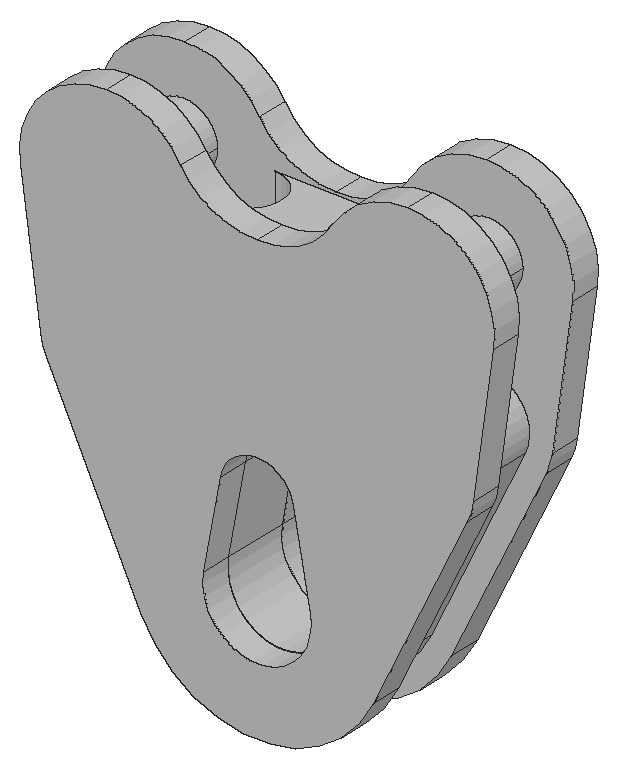
Revit family "LWplc_Latchways_FallArrstSymGddAnchrLine_SingleSpanSystem", category Specialty Equipment, host Face, Revit 2013
Parameters (values of type "FallArrestSystemGuidedAnchorLine_SingleSpanSystem_SingleSpanTrolley_Latchways")
  WarrantyStartDate [instance] = "1900-12-31T23:59:59"
  WarrantyGuarantorParts = "n/a"
  WarrantyGuarantorLabor = "n/a"
  WarrantyDurationUnit = "year"
  WarrantyDurationParts = "n/a"
  WarrantyDurationLabor = "n/a"
  WarrantyDescription = "n/a"
  Version = "1"  # constant formula
  Uniclass2 = "Ss_80_30_25_35"
  URL = "www.latchways.com"
  Type Comments = "n/a"
  ThreadedSwageMaterial = LWplc_Latchways_StainlessSteel_MarineGrade316
  ThreadedSwage = no
  TagNumber [instance] = "n/a"
  SwageSlipIndicatorMaterial = LWplc_Latchways_StainlessSteel_MarineGrade316
  SustainabilityPerformance = "n/a"
  StartSetSwageSlipIndicator = no
  Size = "n/a"
  SingleSpanTrolleyMaterial = LWplc_Latchways_StainlessSteel_MarineGrade316
  SingleSpanTrolley = yes
  Shape = "n/a"
  ServiceLifeDuration = "n/a"
  SerialNumber [instance] = "n/a"
  RodMaterial = LWplc_Latchways_StainlessSteel_MarineGrade316
  Revision = "n/a"
  ReplacementCost = "n/a"
  Reference = "n/a"
  ProductInformation = "www.latchways.com/BIM/Latchways_OverheadSystem_SingleSpan_Trolley.pdf"
  NominalWidth = 0 mm
  NominalLength = 0 mm
  NominalHeight = 0 mm
  Name = "FallArrestSystemGuidedAnchorLine_SingleSpanSystem_SingleSpanTrolley_Latchways"
  NBSReference = "80-50-25/110"
  NBSNote = "n/a"
  NBSDescription = "Fall arrest system - guided anchor line"
  ModelReference = "Overhead system Single Span"
  ModelNumber = "n/a"
  Model = "n/a"
  Material = "All critical components are manufactured from stainless steel grade 316"
  ManufacturerURL = "www.latchways.com"
  ManufacturerName = "Latchways plc"
  Manufacturer = "info@latchways.com"
  LongRunLineTenserMaterial = LWplc_Latchways_StainlessSteel_MarineGrade316
  LongRunLineTenser = no
  InstallationDate [instance] = "1900-12-31T23:59:59"
  IfcExportType = "IfcTransportElement"  # constant formula
  IfcExportAs = "NOTDEFINED"  # constant formula
  HeavyDutyDRingMaterial = LWplc_Latchways_StainlessSteel_MarineGrade316
  HeavyDutyDRing = no
  Grade = "n/a"
  FireExit = no
  Finish = "n/a"
  Features = "n/a"
  ExtendedTurnbuckleBodyMaterial = LWplc_Latchways_StainlessSteel_MarineGrade316
  ExtendedTurnbuckleBody = no
  ExpectedLife = "n/a"
  EnergyAbsorberMaterial = LWplc_Latchways_PVCu_Vinakon_Black
  EnergyAbsorber = no
  EndSetSwageSlipIndicator = no
  DurationUnit = "year"
  Description = "Latchways’ overhead systems combine revolutionary Constant\r\nForce® technology with an innovative mobile anchorage device. With the capacity for multiple workers to be attached, the system offers unhindered mobilty and continuous, hands-free security whilst\r\nworking at height. System compliant with latest EN 795 standard"
  Default Elevation = 1219.2 mm
  Constituents = "n/a"
  Color = "n/a"
  CodePerformance = "n/a"
  Category = "n/a"
  BoltMaterial = LWplc_Latchways_StainlessSteel_MarineGrade316
  BarCode [instance] = "n/a"
  BIMObjectName = "LWplc_Latchways_FallArrestSystemGuidedAnchorLine_SingleSpanSystem_SingleSpanTrolley"
  Author = "Latchways plc"  # constant formula
  AssetType = "Fixed"
  AssetIdentifier [instance] = "n/a"
  AccessibilityPerformance = "n/a"
Types (4, lengths in mm): name | ThreadedSwage | StartSetSwageSlipIndicator | SingleSpanTrolley | ProductInformation | Name | LongRunLineTenser | HeavyDutyDRing | ExtendedTurnbuckleBody | EnergyAbsorber | EndSetSwageSlipIndicator | BIMObjectName
  (no name) | no | no | yes | "www.latchways.com/BIM/Latchways_OverheadSystem_SingleSpan_Trolley.pdf" | "FallArrestSystemGuidedAnchorLine_SingleSpanSystem_SingleSpanTrolley_Latchways" | no | no | no | no | no | "LWplc_Latchways_FallArrestSystemGuidedAnchorLine_SingleSpanSystem_SingleSpanTrolley"
  FallArrestSystemGuidedAnchorLine_SingleSpanSystem_EndSet_Latchways | no | no | no | "www.latchways.com/BIM/Latchways_OverheadSystem_SingleSpan_Multispan_EndSet.pdf" | "FallArrestSystemGuidedAnchorLine_SingleSpanSystem_EndSet_Latchways" | no | yes | no | yes | yes | "LWplc_Latchways_FallArrestSystemGuidedAnchorLine_SingleSpanSystem_EndSet"
  FallArrestSystemGuidedAnchorLine_SingleSpanSystem_SingleSpanTrolley_Latchways | no | no | yes | "www.latchways.com/BIM/Latchways_OverheadSystem_SingleSpan_Trolley.pdf" | "FallArrestSystemGuidedAnchorLine_SingleSpanSystem_SingleSpanTrolley_Latchways" | no | no | no | no | no | "LWplc_Latchways_FallArrestSystemGuidedAnchorLine_SingleSpanSystem_SingleSpanTrolley"
  FallArrestSystemGuidedAnchorLine_SingleSpanSystem_StartSet_Latchways | yes | yes | no | "www.latchways.com/BIM/Latchways_OverheadSystem_SingleSpan_Multispan_StartSet.pdf" | "FallArrestSystemGuidedAnchorLine_SingleSpanSystem_StartSet_Latchways" | yes | yes | yes | no | no | "LWplc_Latchways_FallArrestSystemGuidedAnchorLine_SingleSpanSystem_StartSet"
Reference planes
  plane 1 "Center (Front/Back)": y = 0
  plane 2: z = 0
  plane 3 "Center (Left/Right)": x = 0
Dimensions and locks
  aligned and locked: plane 2 to host face
  aligned and locked: level to host face
  aligned and locked: nested 1 to host face
Nested families
  nested 1: "LWplc_Latchways_FallArrstSymGddAnchrLine_HeavyDutyD-Ring" at (0, 0.469, 0) x (0, 1, 0) z (0, 0, 1), visible <- "HeavyDutyDRing", type "HeavyDutyD-Ring_Latchways"
  nested 2: "LWplc_Latchways_FallArrstSymGddAnchrLine_EnergyAbsorber" at (189.375, 0, 0) x (-1, 0, 0) z (0, 0, 1), visible <- "EnergyAbsorber", type "EnergyAbsorber_Latchways"
  nested 3: "LWplc_Latchways_FallArrstSymGddAnchrLine_SwageSlipIndicator" at (432.72, -0.04, 31.488) x (0, 0, 1) z (1, 0, 0), visible <- "EndSetSwageSlipIndicator", type "SwageSlipIndicator_Latchways"
  nested 4: "LWplc_Latchways_FallArrstSymGddAnchrLine_SingleSpanTrolley" at (0, 9.474, 30.297), visible <- "SingleSpanTrolley", type "SingleSpanTrolley_Latchways"
  nested 5: "LWplc_Latchways_FallArrstSymGddAnchrLine_LongRunLineTenser" at (-51.406, -0.156, 0) x (-1, 0, 0) z (0, 0, 1), visible <- "LongRunLineTenser", type "LongRunLineTenser_Latchways"
  nested 6: "LWplc_Latchways_FallArrstSymGddAnchrLine_TurnBuckleBody" at (-332.707, -0.156, 31.906) x (0, 0, 1) z (-1, 0, 0), visible <- "ExtendedTurnbuckleBody", type "TurnBuckleBody_Latchways"
  nested 7: "LWplc_Latchways_FallArrstSymGddAnchrLine_ThreadedSwage" at (-854.707, -0.156, 31.806) x (0, 0, 1) z (-1, 0, 0), visible <- "ThreadedSwage", type "FallArrestSystemGuidedAnchorLine_ThreadedSwage_Latchways"
  nested 8: "LWplc_Latchways_FallArrstSymGddAnchrLine_SwageSlipIndicator" at (-1191.707, -0.156, 32.111) x (0, 0, -1) z (-1, 0, 0), visible <- "StartSetSwageSlipIndicator", type "SwageSlipIndicator_Latchways"
Definition of nested family "LWplc_Latchways_FallArrstSymGddAnchrLine_HeavyDutyD-Ring"
  Parameters (values of type "HeavyDutyD-Ring_Latchways")
    D-RingMaterial = LWplc_Latchways_StainlessSteel_MarineGrade316
    D-RingVisible [instance] = yes
  Reference planes
    plane 1 "Center (Front/Back)": y = 0
    plane 2: z = 0
    plane 3 "Center (Left/Right)": x = 0
    plane 4: z = 10
    plane 5: y = 50.785
    plane 6: y = -51.526
  Forms (mm)
    Extrusion 1, solid, material "LWplc_Latchways_StainlessSteel_MarineGrade316" <- "D-RingMaterial", visible <- "D-RingVisible", detail levels medium+fine
      sketch origin (0, 0, 0) x (1, 0, 0) y (0, 1, 0)
        loop
          line (-24.815, -12.3) -> (-6.291, -49.853)
          arc (-6.291, -49.853) -> (-5.185, -51.074) -> (-3.601, -51.526) r 3
          line (-3.601, -51.526) -> (2.399, -51.526)
          arc (2.399, -51.526) -> (3.983, -51.074) -> (5.09, -49.853) r 3
          line (5.09, -49.853) -> (23.614, -12.3)
          arc (23.614, -12.3) -> (26.399, -0.352) -> (23.61, 11.596) r 27
          line (23.61, 11.596) -> (5.089, 49.113)
          arc (5.089, 49.113) -> (3.983, 50.333) -> (2.399, 50.785) r 3
          line (2.399, 50.785) -> (-3.601, 50.785)
          arc (-3.601, 50.785) -> (-5.184, 50.333) -> (-6.291, 49.113) r 3
          line (-6.291, 49.113) -> (-24.811, 11.596)
          arc (-24.811, 11.596) -> (-27.601, -0.352) -> (-24.815, -12.3) r 27
      from 0 to 10
    Extrusion 2, solid, material "LWplc_Latchways_StainlessSteel_MarineGrade316" <- "D-RingMaterial", visible <- "D-RingVisible"
      sketch origin (0, 535.467, 227.54) x (0, 1, 0) y (0, 0, 1)
        loop
          arc (-561.11, -182.619) -> (-535.818, -171.857) -> (-510.526, -182.619) r 35.1
          arc (-510.526, -182.619) -> (-507.087, -186.884) -> (-505.408, -192.099) r 15
          arc (-505.408, -192.099) -> (-507.841, -206.708) -> (-517.941, -217.54) r 25.661
          line (-517.941, -217.54) -> (-486.699, -217.54) -> (-486.699, -205.173)
          arc (-486.699, -205.173) -> (-497.091, -174.829) -> (-523.902, -157.227) r 49.497
          arc (-523.902, -157.227) -> (-566.124, -166.332) -> (-585.021, -205.173) r 49.366
          line (-585.021, -205.173) -> (-585.021, -217.54) -> (-553.695, -217.54)
          arc (-553.695, -217.54) -> (-563.795, -206.708) -> (-566.228, -192.099) r 25.661
          arc (-566.228, -192.099) -> (-564.55, -186.884) -> (-561.11, -182.619) r 15
      from -6.598 to 5.392
    Blend 3, void, detail levels medium+fine
      base sketch origin (0, 0, 0) x (1, 0, 0) y (0, 1, 0)
        loop
          circle (-0.625, -0.312) r 13.605
      top sketch origin (0, 0, 0) x (1, 0, 0) y (0, 1, 0)
        loop
          circle (-0.625, -0.312) r 8.974
      from 0 to 10
    Extrusion 4, solid, material "LWplc_Latchways_StainlessSteel_MarineGrade316" <- "D-RingMaterial", visible <- "D-RingVisible", detail levels coarse
      sketch origin (0, 0, 0) x (1, 0, 0) y (0, 1, 0)
        loop
          line (4.265, -51.526) -> (23.614, -12.3) -> (23.614, 11.588) -> (4.264, 50.785) -> (-5.465, 50.785) -> (-25, 11.213) -> (-25, -11.925) -> (-5.466, -51.526) -> (4.265, -51.526)
      from 0 to 10
  Cuts and joins
    Blend 3 cuts Extrusion 1
    Blend 3 cuts Extrusion 2
  Dimensions and locks
    aligned and locked: level to plane 2
    aligned and locked: plane 5 to Extrusion 1
    aligned and locked: plane 6 to Extrusion 1
    aligned and locked: Extrusion 2 to plane 4  (x2)
Definition of nested family "LWplc_Latchways_FallArrstSymGddAnchrLine_EnergyAbsorber"
  Parameters (values of type "EnergyAbsorber_Latchways")
    RodMaterial = LWplc_Latchways_StainlessSteel_MarineGrade316
    EnergyAbsorberVisible [instance] = yes
    EnergyAbsorberMaterial = LWplc_Latchways_PVCu_Vinakon_Black
    BoltMaterial = LWplc_Latchways_StainlessSteel_MarineGrade316
  Reference planes
    plane 1 "Center (Front/Back)": y = 0
    plane 2: z = 0
    plane 3 "Center (Left/Right)": x = 0
  Forms (mm)
    Extrusion 1, solid, material "LWplc_Latchways_PVCu_Vinakon_Black" <- "EnergyAbsorberMaterial", visible <- "EnergyAbsorberVisible", detail levels medium+fine
      sketch origin (0, 27.839, 0) x (1, 0, 0) y (0, 0, 1)
        loop
          line (-141.559, 32.09) -> (-140.796, 10.258)
          arc (-140.796, 10.258) -> (-136.948, 2.9) -> (-128.802, 1.29) r 9.607
          line (-128.802, 1.29) -> (-128.802, 5.402) -> (-108.802, 5.402) -> (-108.802, 0.591) -> (43.394, 0.591) -> (43.394, 5.746) -> (45.975, 5.729) -> (46.19, -0.41) -> (99.851, 1.464)
          arc (99.851, 1.464) -> (100.951, 1.919) -> (101.407, 3.019) r 1.555
          line (101.407, 3.019) -> (101.352, 4.583)
          arc (101.352, 4.583) -> (101.635, 5.267) -> (102.319, 5.55) r 0.967
          line (102.319, 5.55) -> (125.316, 6.353)
          arc (125.316, 6.353) -> (126.782, 6.96) -> (127.389, 8.427) r 2.074
          line (127.389, 8.427) -> (127.335, 9.99)
          arc (127.335, 9.99) -> (127.618, 10.674) -> (128.301, 10.957) r 0.967
          line (128.301, 10.957) -> (140.827, 11.395)
          arc (140.827, 11.395) -> (142.082, 11.895) -> (142.732, 13.08) r 2
          arc (142.732, 13.08) -> (143.858, 22.555) -> (144.234, 32.09) r 121.069
          arc (144.234, 32.09) -> (143.858, 41.624) -> (142.732, 51.099) r 121.069
          arc (142.732, 51.099) -> (142.082, 52.284) -> (140.827, 52.784) r 2
          line (140.827, 52.784) -> (128.301, 53.222)
          arc (128.301, 53.222) -> (127.618, 53.505) -> (127.335, 54.189) r 0.967
          line (127.335, 54.189) -> (127.389, 55.752)
          arc (127.389, 55.752) -> (126.782, 57.219) -> (125.316, 57.826) r 2.074
          line (125.316, 57.826) -> (102.319, 58.629)
          arc (102.319, 58.629) -> (101.635, 58.912) -> (101.352, 59.596) r 0.967
          line (101.352, 59.596) -> (101.407, 61.16)
          arc (101.407, 61.16) -> (100.951, 62.26) -> (99.851, 62.715) r 1.555
          line (99.851, 62.715) -> (46.19, 64.589) -> (45.975, 58.45) -> (43.394, 58.433) -> (43.394, 63.589) -> (-108.802, 63.589) -> (-108.802, 58.777) -> (-128.802, 58.777) -> (-128.802, 62.889)
          arc (-128.802, 62.889) -> (-136.948, 61.279) -> (-140.796, 53.921) r 9.607
          line (-140.796, 53.921) -> (-141.559, 32.09)
      from -6.643 to 62.32
    Extrusion 2, solid, material "LWplc_Latchways_PVCu_Vinakon_Black" <- "EnergyAbsorberMaterial", visible <- "EnergyAbsorberVisible"
      sketch origin (0, 27.839, 0) x (1, 0, 0) y (0, 1, 0)
        loop
          line (-78.744, 6.643) -> (38.592, 6.643)
          arc (38.592, 6.643) -> (-20.076, 40.314) -> (-78.744, 6.643) r 67.946
        loop
          line (38.349, -62.32) -> (-78.501, -62.32)
          arc (-78.501, -62.32) -> (-20.076, -95.579) -> (38.349, -62.32) r 67.946
      from 1.29 to 62.715
    Extrusion 3, solid, material "LWplc_Latchways_PVCu_Vinakon_Black" <- "EnergyAbsorberMaterial", visible <- "EnergyAbsorberVisible", detail levels coarse
      sketch origin (0, 27.839, 0) x (1, 0, 0) y (0, 0, 1)
        loop
          line (-140.796, 53.921) -> (-141.559, 32.09) -> (-140.796, 10.258)
          arc (-140.796, 10.258) -> (-136.948, 2.9) -> (-128.802, 1.29) r 9.607
          line (-128.802, 1.29) -> (-128.802, 5.402) -> (-108.802, 5.402) -> (-108.802, 0.591) -> (101.352, 0.591) -> (101.352, 5.516) -> (127.389, 6.425) -> (127.389, 11.452) -> (142.462, 11.452)
          arc (142.462, 11.452) -> (143.79, 21.733) -> (144.234, 32.09) r 121.069
          arc (144.234, 32.09) -> (143.79, 42.446) -> (142.462, 52.727) r 121.069
          line (142.462, 52.727) -> (127.389, 52.727) -> (127.389, 57.754) -> (101.352, 58.663) -> (101.352, 63.589) -> (-108.802, 63.589) -> (-108.802, 58.777) -> (-128.802, 58.777) -> (-128.802, 62.889)
          arc (-128.802, 62.889) -> (-136.948, 61.279) -> (-140.796, 53.921) r 9.607
      from -6.643 to 62.32
    Extrusion 4, solid, material "LWplc_Latchways_StainlessSteel_MarineGrade316" <- "BoltMaterial", visible <- "EnergyAbsorberVisible"
      sketch origin (-1.875, 27.839, 0) x (1, 0, 0) y (0, 0, 1)
        loop
          line (145.113, 16.591) -> (176.117, 16.591)
          arc (176.117, 16.591) -> (191.117, 31.591) -> (176.117, 46.591) r 15
          line (176.117, 46.591) -> (145.238, 46.591)
          arc (145.238, 46.591) -> (145.891, 39.355) -> (146.109, 32.091) r 121.069
          arc (146.109, 32.091) -> (145.86, 24.324) -> (145.113, 16.591) r 121.069
      from 16.254 to 21.254
    Extrusion 5, solid, material "LWplc_Latchways_StainlessSteel_MarineGrade316" <- "BoltMaterial", visible <- "EnergyAbsorberVisible"
      sketch origin (-1.875, 9.906, 0) x (1, 0, 0) y (0, 0, 1)
        loop
          line (145.113, 16.591) -> (176.117, 16.591)
          arc (176.117, 16.591) -> (191.117, 31.591) -> (176.117, 46.591) r 15
          line (176.117, 46.591) -> (145.237, 46.591)
          arc (145.237, 46.591) -> (145.891, 39.354) -> (146.109, 32.09) r 121.069
          arc (146.109, 32.09) -> (145.86, 24.324) -> (145.113, 16.591) r 121.069
      from 16.254 to 21.254
    Extrusion 6, solid, material "LWplc_Latchways_StainlessSteel_MarineGrade316" <- "BoltMaterial", visible <- "EnergyAbsorberVisible", detail levels medium+fine
      sketch origin (0, 0, 0) x (1, 0, 0) y (0, 0, 1)
        loop
          circle (172.655, 31.654) r 5.9
      from -6.585 to 6.348
    Extrusion 7, solid, material "LWplc_Latchways_StainlessSteel_MarineGrade316" <- "BoltMaterial", visible <- "EnergyAbsorberVisible", detail levels medium+fine
      sketch origin (0, 0, 0) x (1, 0, 0) y (0, 0, 1)
        loop
          line (161.884, 31.704) -> (167.313, 22.301) -> (177.997, 22.301) -> (183.426, 31.704) -> (177.997, 41.007) -> (167.313, 41.007) -> (161.884, 31.704)
      from 11.348 to 18.933
    Extrusion 8, solid, material "LWplc_Latchways_StainlessSteel_MarineGrade316" <- "BoltMaterial", visible <- "EnergyAbsorberVisible", detail levels medium+fine
      sketch origin (0, 30.518, 0) x (1, 0, 0) y (0, 0, 1)
        loop
          line (161.884, 31.704) -> (167.313, 22.301) -> (177.997, 22.301) -> (183.426, 31.704) -> (177.997, 41.007) -> (167.313, 41.007) -> (161.884, 31.704)
      from 11.348 to 18.933
    Extrusion 9, solid, material "LWplc_Latchways_StainlessSteel_MarineGrade316" <- "BoltMaterial", visible <- "EnergyAbsorberVisible", detail levels medium+fine
      sketch origin (-130.211, 172.659, 0) x (0, -1, 0) y (0, 0, 1)
        loop
          line (161.884, 31.704) -> (167.313, 22.301) -> (177.997, 22.301) -> (183.426, 31.704) -> (177.997, 41.007) -> (167.313, 41.007) -> (161.884, 31.704)
      from 11.348 to 22.691
    Revolve 10, solid, material "LWplc_Latchways_StainlessSteel_MarineGrade316" <- "RodMaterial", visible <- "EnergyAbsorberVisible"
      sketch origin (0, 0, 0) x (1, 0, 0) y (0, 0, 1)
        loop
          line (-243.345, 31.654) -> (-141.559, 31.654) -> (-141.559, 37.954) -> (-239.845, 37.954) -> (-243.345, 37.016) -> (-243.345, 31.654)
        axis (-141.559, 31.654) -> (-243.345, 31.654)
      angle from 0 to 360
  Dimensions and locks
    aligned and locked: level to plane 2
    aligned and locked: Extrusion 1 to Extrusion 3  (x2)
    aligned and locked: Extrusion 2 to Extrusion 1  (x2)
Definition of nested family "LWplc_Latchways_FallArrstSymGddAnchrLine_SwageSlipIndicator"
  Parameters (values of type "SwageSlipIndicator_Latchways")
    SwageSlipVisible [instance] = yes
    SwageSlipMaterial = LWplc_Latchways_StainlessSteel_MarineGrade316
    SwageSlipLength = 25 mm
    Default Elevation = 1219.2 mm
  Reference planes
    plane 1 "Center (Front/Back)": y = 0
    plane 2: z = 0
    plane 3 "Center (Left/Right)": x = 0
    plane 4: z = 25
    plane 5: z = 21.622
    plane 6: z = 3.378
    plane 7: z = 12.5
  Forms (mm)
    Extrusion 1, solid, material "LWplc_Latchways_StainlessSteel_MarineGrade316" <- "SwageSlipMaterial", visible <- "SwageSlipVisible"
      sketch origin (0, 0, 12.5) x (0, 1, 0) y (-1, 0, 0)
        loop
          circle (0, 0) r 6.35
      from -12.5 to 12.5
    Extrusion 2, void
      sketch origin (0, 0, 12.5) x (0, 1, 0) y (-1, 0, 0)
        loop
          circle (0, 0) r 4.75
      from -9.122 to 9.122
    Blend 3, void
      base sketch origin (0, 0, 12.5) x (0, 1, 0) y (-1, 0, 0)
        loop
          circle (0, 0) r 5.55
      top sketch origin (0, 0, 12.5) x (0, 1, 0) y (-1, 0, 0)
        loop
          circle (0, 0) r 4.75
      from -12.5 to -9.122
    Blend 4, void
      base sketch origin (0, 0, 0) x (1, 0, 0) y (0, 1, 0)
        loop
          circle (0, 0) r 4.75
      top sketch origin (0, 0, 0) x (1, 0, 0) y (0, 1, 0)
        loop
          circle (0, 0) r 5.55
      from 21.622 to 25
  Cuts and joins
    Extrusion 2, Blend 3, Blend 4 cuts Extrusion 1
  Dimensions and locks
    aligned and locked: level to plane 2
    aligned and locked: Blend 4 to plane 5
    aligned and locked: plane 4 to Blend 4
Definition of nested family "LWplc_Latchways_FallArrstSymGddAnchrLine_SingleSpanTrolley"
  Parameters (values of type "SingleSpanTrolley_Latchways")
    SingleSpanTrolleyVisible [instance] = yes
    SingleSpanTrolleyMaterial = LWplc_Latchways_StainlessSteel_MarineGrade316
  Reference planes
    plane 1 "Center (Front/Back)": y = 0
    plane 2: z = 0
    plane 3 "Center (Left/Right)": x = 0
  Forms (mm)
    Extrusion 1, solid, material "LWplc_Latchways_StainlessSteel_MarineGrade316" <- "SingleSpanTrolleyMaterial", visible <- "SingleSpanTrolleyVisible", detail levels medium+fine
      sketch origin (0, 0, 0) x (1, 0, 0) y (0, 0, 1)
        loop
          arc (-22.214, 47.553) -> (-31.847, 43.355) -> (-34.875, 33.293) r 12.5
          line (-34.875, 33.293) -> (-31.902, 12.163)
          arc (-31.902, 12.163) -> (-31.571, 10.659) -> (-31.013, 9.224) r 10
          line (-31.013, 9.224) -> (-17.125, -19.674)
          arc (-17.125, -19.674) -> (0, -30.444) -> (17.125, -19.674) r 19
          line (17.125, -19.674) -> (31.013, 9.224)
          arc (31.013, 9.224) -> (31.571, 10.659) -> (31.902, 12.163) r 10
          line (31.902, 12.163) -> (34.875, 33.293)
          arc (34.875, 33.293) -> (31.847, 43.355) -> (22.214, 47.553) r 12.5
          arc (22.214, 47.553) -> (15.951, 46.034) -> (11.277, 41.598) r 12.5
          arc (11.277, 41.598) -> (6.483, 37.042) -> (0, 35.569) r 12.5
          arc (0, 35.569) -> (-6.399, 36.997) -> (-11.195, 41.468) r 12.5
          arc (-11.195, 41.468) -> (-15.881, 45.996) -> (-22.214, 47.553) r 12.5
        loop
          line (-5.409, 2.349) -> (-7.868, -10.998)
          arc (-7.868, -10.998) -> (0, -20.447) -> (7.868, -10.998) r 8
          line (7.868, -10.998) -> (5.409, 2.349)
          arc (5.409, 2.349) -> (0, 6.853) -> (-5.409, 2.349) r 5.5
      from 0 to 4.5
    Extrusion 2, solid, material "LWplc_Latchways_StainlessSteel_MarineGrade316" <- "SingleSpanTrolleyMaterial", visible <- "SingleSpanTrolleyVisible", detail levels medium+fine
      sketch origin (0, -14.5, 0) x (1, 0, 0) y (0, 0, 1)
        loop
          arc (-22.214, 47.553) -> (-31.847, 43.355) -> (-34.875, 33.293) r 12.5
          line (-34.875, 33.293) -> (-31.902, 12.163)
          arc (-31.902, 12.163) -> (-31.571, 10.659) -> (-31.013, 9.224) r 10
          line (-31.013, 9.224) -> (-17.125, -19.674)
          arc (-17.125, -19.674) -> (0, -30.444) -> (17.125, -19.674) r 19
          line (17.125, -19.674) -> (31.013, 9.224)
          arc (31.013, 9.224) -> (31.571, 10.659) -> (31.902, 12.163) r 10
          line (31.902, 12.163) -> (34.875, 33.293)
          arc (34.875, 33.293) -> (31.847, 43.355) -> (22.214, 47.553) r 12.5
          arc (22.214, 47.553) -> (15.951, 46.034) -> (11.277, 41.598) r 12.5
          arc (11.277, 41.598) -> (6.483, 37.042) -> (0, 35.569) r 12.5
          arc (0, 35.569) -> (-6.399, 36.997) -> (-11.195, 41.468) r 12.5
          arc (-11.195, 41.468) -> (-15.881, 45.996) -> (-22.214, 47.553) r 12.5
        loop
          arc (5.409, 2.349) -> (0, 6.853) -> (-5.409, 2.349) r 5.5
          line (-5.409, 2.349) -> (-7.868, -10.998)
          arc (-7.868, -10.998) -> (0, -20.447) -> (7.868, -10.998) r 8
          line (7.868, -10.998) -> (5.409, 2.349)
      from 0 to 4.5
    Extrusion 3, solid, material "LWplc_Latchways_StainlessSteel_MarineGrade316" <- "SingleSpanTrolleyMaterial", visible <- "SingleSpanTrolleyVisible", detail levels medium+fine
      sketch origin (0, 0, 0) x (1, 0, 0) y (0, 0, 1)
        loop
          arc (-22, 20.053) -> (-27.502, 17.013) -> (-27.859, 10.737) r 6.5
          line (-27.859, 10.737) -> (-13.97, -18.161)
          arc (-13.97, -18.161) -> (0, -26.947) -> (13.97, -18.161) r 15.5
          line (13.97, -18.161) -> (27.859, 10.737)
          arc (27.859, 10.737) -> (27.502, 17.013) -> (22, 20.053) r 6.5
          line (22, 20.053) -> (-22, 20.053)
        loop
          line (-5.409, 2.349) -> (-7.868, -10.998)
          arc (-7.868, -10.998) -> (0, -20.447) -> (7.868, -10.998) r 8
          line (7.868, -10.998) -> (5.409, 2.349)
          arc (5.409, 2.349) -> (0, 6.853) -> (-5.409, 2.349) r 5.5
      from 4.5 to 14.5
    Extrusion 4, solid, material "LWplc_Latchways_StainlessSteel_MarineGrade316" <- "SingleSpanTrolleyMaterial", visible <- "SingleSpanTrolleyVisible", detail levels medium+fine
      sketch origin (0, 0, 0) x (1, 0, 0) y (0, 0, 1)
        loop
          circle (-22.5, 35.053) r 5
        loop
          circle (22.5, 35.053) r 5
      from 4.5 to 14.5
    Extrusion 5, solid, material "LWplc_Latchways_StainlessSteel_MarineGrade316" <- "SingleSpanTrolleyMaterial", visible <- "SingleSpanTrolleyVisible", detail levels medium+fine
      sketch origin (0, 0, 0) x (1, 0, 0) y (0, 1, 0)
        loop
          arc (-9.01, -4.5) -> (-4.01, -9.5) -> (-9.01, -14.5) r 5
          line (-9.01, -14.5) -> (8.99, -14.5)
          arc (8.99, -14.5) -> (3.99, -9.5) -> (8.99, -4.5) r 5
          line (8.99, -4.5) -> (-9.01, -4.5)
      from 30.034 to 35.175
    Extrusion 6, solid, material "LWplc_Latchways_StainlessSteel_MarineGrade316" <- "SingleSpanTrolleyMaterial", visible <- "SingleSpanTrolleyVisible", detail levels coarse
      sketch origin (0, 0, 0) x (-1, 0, 0) y (0, 0, 1)
        loop
          arc (22.214, 47.553) -> (15.881, 45.996) -> (11.195, 41.468) r 12.5
          arc (11.195, 41.468) -> (6.399, 36.997) -> (0, 35.569) r 12.5
          arc (0, 35.569) -> (-6.483, 37.042) -> (-11.277, 41.598) r 12.5
          arc (-11.277, 41.598) -> (-15.951, 46.034) -> (-22.214, 47.553) r 12.5
          arc (-22.214, 47.553) -> (-31.847, 43.355) -> (-34.875, 33.293) r 12.5
          line (-34.875, 33.293) -> (-31.902, 12.163)
          arc (-31.902, 12.163) -> (-31.571, 10.659) -> (-31.013, 9.224) r 10
          line (-31.013, 9.224) -> (-17.125, -19.674)
          arc (-17.125, -19.674) -> (0, -30.444) -> (17.125, -19.674) r 19
          line (17.125, -19.674) -> (31.013, 9.224)
          arc (31.013, 9.224) -> (31.571, 10.659) -> (31.902, 12.163) r 10
          line (31.902, 12.163) -> (34.875, 33.293)
          arc (34.875, 33.293) -> (31.847, 43.355) -> (22.214, 47.553) r 12.5
      from -19 to 0
  Cuts and joins
    joined: Extrusion 1, Extrusion 2, Extrusion 5
  Lines and regions (mm)
    model lines, visible <- "SingleSpanTrolleyVisible", detail levels fine
      curve 1: circle (22.5, 0, 35.053) r 5 normal (0, -1, 0)
      curve 2: circle (-22.5, 0, 35.053) r 5 normal (0, -1, 0)
      curve 3: line (-22, 0, 20.053) -> (22, 0, 20.053)
      curve 4: arc (27.859, 0, 10.737) -> (27.502, 0, 17.013) -> (22, 0, 20.053) r 6.5
      curve 5: arc (-22, 0, 20.053) -> (-27.502, 0, 17.013) -> (-27.859, 0, 10.737) r 6.5
      curve 6: line (-27.859, 0, 10.737) -> (-13.97, 0, -18.161)
      curve 7: arc (-13.97, 0, -18.161) -> (0, 0, -26.947) -> (13.97, 0, -18.161) r 15.5
      curve 8: line (27.859, 0, 10.737) -> (13.97, 0, -18.161)
      curve 9: arc (7.738, 0, 3.382) -> (0, 0, 9.353) -> (-7.738, 0, 3.382) r 8
      curve 10: line (-7.738, 0, 3.382) -> (-11.124, 0, -9.531)
      curve 11: arc (-11.124, 0, -9.531) -> (0, 0, -23.947) -> (11.124, 0, -9.531) r 11.5
      curve 12: line (7.738, 0, 3.382) -> (11.124, 0, -9.531)
      curve 13: circle (22.5, -19, 35.053) r 5 normal (0, -1, 0)
      curve 14: circle (-22.5, -19, 35.053) r 5 normal (0, -1, 0)
      curve 15: line (-22, -19, 20.053) -> (22, -19, 20.053)
      curve 16: arc (27.859, -19, 10.737) -> (27.502, -19, 17.013) -> (22, -19, 20.053) r 6.5
      curve 17: arc (-22, -19, 20.053) -> (-27.502, -19, 17.013) -> (-27.859, -19, 10.737) r 6.5
      curve 18: line (-27.859, -19, 10.737) -> (-13.97, -19, -18.161)
      curve 19: arc (-13.97, -19, -18.161) -> (0, -19, -26.947) -> (13.97, -19, -18.161) r 15.5
      curve 20: line (27.859, -19, 10.737) -> (13.97, -19, -18.161)
      curve 21: arc (7.738, 0, 3.382) -> (0, 0, 9.353) -> (-7.738, 0, 3.382) r 8
      curve 22: line (-7.738, 0, 3.382) -> (-11.124, 0, -9.531)
      curve 23: arc (-11.124, 0, -9.531) -> (0, 0, -23.947) -> (11.124, 0, -9.531) r 11.5
      curve 24: line (7.738, 0, 3.382) -> (11.124, 0, -9.531)
      curve 25: line (-23.366, 0, 36.553) -> (-24.232, 0, 35.053)
      curve 26: line (-21.634, 0, 36.553) -> (-23.366, 0, 36.553)
      curve 27: line (-20.768, 0, 35.053) -> (-21.634, 0, 36.553)
      curve 28: line (-21.634, 0, 33.553) -> (-20.768, 0, 35.053)
      curve 29: line (-23.366, 0, 33.553) -> (-21.634, 0, 33.553)
      curve 30: line (-24.232, 0, 35.053) -> (-23.366, 0, 33.553)
      curve 31: circle (-22.5, 0, 35.053) r 0.5 normal (0, -1, 0)
      curve 32: line (23.366, 0, 36.553) -> (21.634, 0, 36.553)
      curve 33: line (24.232, 0, 35.053) -> (23.366, 0, 36.553)
      curve 34: line (23.366, 0, 33.553) -> (24.232, 0, 35.053)
      curve 35: line (21.634, 0, 33.553) -> (23.366, 0, 33.553)
      curve 36: line (20.768, 0, 35.053) -> (21.634, 0, 33.553)
      curve 37: line (21.634, 0, 36.553) -> (20.768, 0, 35.053)
      curve 38: circle (22.5, 0, 35.053) r 0.5 normal (0, -1, 0)
      curve 39: line (-23.366, -19, 36.553) -> (-24.232, -19, 35.053)
      curve 40: line (-21.634, -19, 36.553) -> (-23.366, -19, 36.553)
      curve 41: line (-20.768, -19, 35.053) -> (-21.634, -19, 36.553)
      curve 42: line (-21.634, -19, 33.553) -> (-20.768, -19, 35.053)
      curve 43: line (-23.366, -19, 33.553) -> (-21.634, -19, 33.553)
      curve 44: line (-24.232, -19, 35.053) -> (-23.366, -19, 33.553)
      curve 45: circle (-22.5, -19, 35.053) r 0.5 normal (0, -1, 0)
      curve 46: line (23.366, -19, 36.553) -> (21.634, -19, 36.553)
      curve 47: line (24.232, -19, 35.053) -> (23.366, -19, 36.553)
      curve 48: line (23.366, -19, 33.553) -> (24.232, -19, 35.053)
      curve 49: line (21.634, -19, 33.553) -> (23.366, -19, 33.553)
      curve 50: line (20.768, -19, 35.053) -> (21.634, -19, 33.553)
      curve 51: line (21.634, -19, 36.553) -> (20.768, -19, 35.053)
      curve 52: circle (22.5, -19, 35.053) r 0.5 normal (0, -1, 0)
  Dimensions and locks
    aligned and locked: level to plane 2
    aligned and locked: Extrusion 3 to Extrusion 2
    aligned and locked: Extrusion 3 to Extrusion 1
    aligned and locked: Extrusion 4 to Extrusion 1
Definition of nested family "LWplc_Latchways_FallArrstSymGddAnchrLine_LongRunLineTenser"
  Parameters (values of type "LongRunLineTenser_Latchways")
    LongRunLineTenserVisible [instance] = yes
    LongRunLineTenserMaterial = LWplc_Latchways_StainlessSteel_MarineGrade316
  Reference planes
    plane 1 "Center (Front/Back)": y = 0
    plane 2: z = 0
    plane 3 "Center (Left/Right)": x = 0
  Forms (mm)
    Extrusion 1, solid, material "LWplc_Latchways_StainlessSteel_MarineGrade316" <- "LongRunLineTenserMaterial", visible <- "LongRunLineTenserVisible"
      sketch origin (0, 0, 19.1) x (1, 0, 0) y (0, 1, 0)
        loop
          arc (-28.06, 6.144) -> (-25.728, 6.327) -> (-23.453, 6.869) r 15
          line (-23.453, 6.869) -> (2.645, 15.292)
          arc (2.645, 15.292) -> (4.327, 15.743) -> (6.062, 15.894) r 10
          line (6.062, 15.894) -> (27.801, 15.894)
          arc (27.801, 15.894) -> (28.861, 15.455) -> (29.301, 14.394) r 1.5
          line (29.301, 14.394) -> (29.301, -14.606)
          arc (29.301, -14.606) -> (28.861, -15.666) -> (27.801, -16.106) r 1.5
          line (27.801, -16.106) -> (6.062, -16.106)
          arc (6.062, -16.106) -> (4.327, -15.954) -> (2.645, -15.504) r 10
          line (2.645, -15.504) -> (-23.453, -7.081)
          arc (-23.453, -7.081) -> (-25.728, -6.538) -> (-28.06, -6.356) r 15
          line (-28.06, -6.356) -> (-28.06, -11.356)
          arc (-28.06, -11.356) -> (-26.919, -11.361) -> (-25.784, -11.475) r 12.009
          arc (-25.784, -11.475) -> (-24.963, -11.638) -> (-24.16, -11.869) r 10
          line (-24.16, -11.869) -> (1.93, -20.565)
          arc (1.93, -20.565) -> (3.442, -20.97) -> (5.001, -21.106) r 9
          line (5.001, -21.106) -> (27.801, -21.106)
          arc (27.801, -21.106) -> (32.397, -19.202) -> (34.301, -14.606) r 6.5
          line (34.301, -14.606) -> (34.301, 14.394)
          arc (34.301, 14.394) -> (32.397, 18.991) -> (27.801, 20.894) r 6.5
          line (27.801, 20.894) -> (5.001, 20.894)
          arc (5.001, 20.894) -> (3.442, 20.758) -> (1.93, 20.354) r 9
          line (1.93, 20.354) -> (-24.16, 11.658)
          arc (-24.16, 11.658) -> (-25.483, 11.315) -> (-26.84, 11.156) r 10
          arc (-26.84, 11.156) -> (-27.45, 11.144) -> (-28.06, 11.156) r 15.3
          line (-28.06, 11.156) -> (-28.06, 6.144)
      from 0 to 25
    Extrusion 2, solid, material "LWplc_Latchways_StainlessSteel_MarineGrade316" <- "LongRunLineTenserMaterial", visible <- "LongRunLineTenserVisible"
      sketch origin (0, 0, 19.1) x (1, 0, 0) y (0, 0, 1)
        loop
          line (-28.06, 25) -> (-38.999, 25)
          arc (-38.999, 25) -> (-51.499, 12.5) -> (-38.999, 0) r 12.5
          line (-38.999, 0) -> (-28.06, 0) -> (-28.06, 25)
      from 6.356 to 11.406
    Extrusion 3, solid, material "LWplc_Latchways_StainlessSteel_MarineGrade316" <- "LongRunLineTenserMaterial", visible <- "LongRunLineTenserVisible"
      sketch origin (0, 17.512, 19.1) x (1, 0, 0) y (0, 0, 1)
        loop
          line (-28.06, 25) -> (-38.999, 25)
          arc (-38.999, 25) -> (-51.499, 12.5) -> (-38.999, 0) r 12.5
          line (-38.999, 0) -> (-28.06, 0) -> (-28.06, 25)
      from 6.356 to 11.406
    Extrusion 4, solid, material "LWplc_Latchways_StainlessSteel_MarineGrade316" <- "LongRunLineTenserMaterial", visible <- "LongRunLineTenserVisible"
      sketch origin (0, 0, 19.1) x (1, 0, 0) y (0, 0, 1)
        loop
          line (-48.052, 17.871) -> (-48.052, 7.129) -> (-38.674, 1.714) -> (-29.346, 7.129) -> (-29.346, 17.9) -> (-38.724, 23.286) -> (-48.052, 17.871)
      from 11.406 to 18.856
    Extrusion 5, solid, material "LWplc_Latchways_StainlessSteel_MarineGrade316" <- "LongRunLineTenserMaterial", visible <- "LongRunLineTenserVisible"
      sketch origin (0, 30.012, 19.1) x (1, 0, 0) y (0, 0, 1)
        loop
          line (-48.052, 17.871) -> (-48.052, 7.129) -> (-38.674, 1.714) -> (-29.346, 7.129) -> (-29.346, 17.9) -> (-38.724, 23.286) -> (-48.052, 17.871)
      from 10.171 to 18.856
    Extrusion 6, solid, material "LWplc_Latchways_StainlessSteel_MarineGrade316" <- "LongRunLineTenserMaterial", visible <- "LongRunLineTenserVisible", detail levels medium+fine
      sketch origin (0, 0, 19.1) x (1, 0, 0) y (0, 0, 1)
        loop
          circle (-38.799, 12.5) r 8.9
      from -6.106 to 6.356
    Extrusion 7, solid, material "LWplc_Latchways_StainlessSteel_MarineGrade316" <- "LongRunLineTenserMaterial", visible <- "LongRunLineTenserVisible", detail levels medium+fine
      sketch origin (0, 0, 19.1) x (0, 1, 0) y (0, 0, 1)
        loop
          circle (0, 12.218) r 12
      from 34.301 to 36.001
    Extrusion 8, solid, material "LWplc_Latchways_StainlessSteel_MarineGrade316" <- "LongRunLineTenserMaterial", visible <- "LongRunLineTenserVisible", detail levels medium+fine
      sketch origin (0, -0.078, 19.1) x (0, 1, 0) y (0, 0, 1)
        loop
          line (11, 12.378) -> (7.778, 20.157) -> (0, 23.378) -> (-7.778, 20.157) -> (-11, 12.378) -> (-7.778, 4.6) -> (0, 1.378) -> (7.778, 4.6) -> (11, 12.378)
      from 36.001 to 46.101
    Extrusion 9, solid, material "LWplc_Latchways_StainlessSteel_MarineGrade316" <- "LongRunLineTenserMaterial", visible <- "LongRunLineTenserVisible"
      sketch origin (-16.878, -0.078, 19.1) x (0, 1, 0) y (0, 0, 1)
        loop
          line (11, 12.378) -> (7.778, 20.157) -> (0, 23.378) -> (-7.778, 20.157) -> (-11, 12.378) -> (-7.778, 4.6) -> (0, 1.378) -> (7.778, 4.6) -> (11, 12.378)
      from 36.179 to 46.179
    Extrusion 10, solid, material "LWplc_Latchways_StainlessSteel_MarineGrade316" <- "LongRunLineTenserMaterial", visible <- "LongRunLineTenserVisible"
      sketch origin (-26.878, -0.078, 19.1) x (0, 1, 0) y (0, 0, 1)
        loop
          line (11, 12.378) -> (7.778, 20.157) -> (0, 23.378) -> (-7.778, 20.157) -> (-11, 12.378) -> (-7.778, 4.6) -> (0, 1.378) -> (7.778, 4.6) -> (11, 12.378)
      from 36.179 to 46.179
    Extrusion 11, solid, material "LWplc_Latchways_StainlessSteel_MarineGrade316" <- "LongRunLineTenserMaterial", visible <- "LongRunLineTenserVisible"
      sketch origin (0, 0, 19.1) x (0, 1, 0) y (0, 0, 1)
        loop
          circle (0, 12.837) r 6
        loop
          circle (0, 12.837) r 5.5
      from 34.301 to 281.301
    Extrusion 12, solid, material "LWplc_Latchways_StainlessSteel_MarineGrade316" <- "LongRunLineTenserMaterial", visible <- "LongRunLineTenserVisible"
      sketch origin (-350, -0.078, 19.1) x (0, 1, 0) y (0, 0, 1)
        loop
          circle (0, 12.837) r 6
      from 349.301 to 359.301
    Extrusion 13, void, detail levels medium+fine
      sketch origin (0, 0, 19.1) x (1, 0, 0) y (0, 1, 0)
        loop
          circle (4.045, 0) r 2
      from 5.314 to 20.157
  Cuts and joins
    Extrusion 13 cuts Extrusion 12
  Dimensions and locks
    aligned and locked: level to plane 2
    aligned and locked: Extrusion 6 to Extrusion 1
    aligned and locked: Extrusion 6 to Extrusion 3
    aligned and locked: Extrusion 12 to Extrusion 10
    aligned and locked: Extrusion 11 to Extrusion 1
Definition of nested family "LWplc_Latchways_FallArrstSymGddAnchrLine_TurnBuckleBody"
  Parameters (values of type "TurnBuckleBody_Latchways")
    TurnBuckleBodyVisible [instance] = yes
    TurnBuckleBodyMaterial = LWplc_Latchways_StainlessSteel_MarineGrade316
    TurnBuckleBodyLength = 522 mm
    Default Elevation = 1219.2 mm
  Reference planes
    plane 1 "Center (Front/Back)": y = 0
    plane 2: z = 0
    plane 3 "Center (Left/Right)": x = 0
    plane 4: z = 522
    plane 5: z = 506.271
    plane 6: z = 16
    plane 7: z = 261
    plane 8: z = 270.668
    plane 9: z = 251.642
  Forms (mm)
    Revolve 1, solid, material "LWplc_Latchways_StainlessSteel_MarineGrade316" <- "TurnBuckleBodyMaterial", visible <- "TurnBuckleBodyVisible", detail levels medium+fine
      sketch origin (0, 0, 261.271) x (0, 0, -1) y (0, -1, 0)
        loop
          line (-245, -12.717) -> (-245, 0) -> (-260.729, 0) -> (-260.729, -10.471) -> (-255.929, -10.471) -> (-253.907, -12.717) -> (-245, -12.717)
        axis (-245, 0) -> (-260.729, 0)
      angle from 0 to 360
    Extrusion 2, solid, material "LWplc_Latchways_StainlessSteel_MarineGrade316" <- "TurnBuckleBodyMaterial", visible <- "TurnBuckleBodyVisible", detail levels medium+fine
      sketch origin (0, 0, 261) x (0, 1, 0) y (-1, 0, 0)
        loop
          circle (0, 0) r 11.2
      from -245 to -9.358
    Extrusion 3, solid, material "LWplc_Latchways_StainlessSteel_MarineGrade316" <- "TurnBuckleBodyMaterial", visible <- "TurnBuckleBodyVisible", detail levels medium+fine
      sketch origin (0, 0, 261) x (0, 1, 0) y (-1, 0, 0)
        loop
          line (0, 9.612) -> (-5.749, 9.612)
          arc (-5.749, 9.612) -> (-9.742, 5.525) -> (-11.2, 0) r 11.2
          arc (-11.2, 0) -> (-9.845, -5.34) -> (-6.108, -9.388) r 11.2
          line (-6.108, -9.388) -> (0, -9.388) -> (6.108, -9.388)
          arc (6.108, -9.388) -> (9.845, -5.34) -> (11.2, 0) r 11.2
          arc (11.2, 0) -> (9.742, 5.525) -> (5.749, 9.612) r 11.2
          line (5.749, 9.612) -> (0, 9.612)
      from 9.668 to -9.358
    Extrusion 4, void, detail levels medium+fine
      sketch origin (0, 0, 261) x (0, 0, 1) y (0, 1, 0)
        loop
          circle (-0.02, 0.138) r 4.15
      from -34.935 to 40
    Revolve 5, solid, material "LWplc_Latchways_StainlessSteel_MarineGrade316" <- "TurnBuckleBodyMaterial", visible <- "TurnBuckleBodyVisible", detail levels medium+fine
      sketch origin (0, 0, 260.729) x (0, 0, 1) y (0, 1, 0)
        loop
          line (-244.729, 12.717) -> (-253.907, 12.717) -> (-255.929, 10.471) -> (-260.729, 10.471) -> (-260.729, 0) -> (-244.729, 0) -> (-244.729, 12.717)
        axis (-244.729, 0) -> (-260.729, 0)
      angle from 0 to 360
    Extrusion 6, solid, material "LWplc_Latchways_StainlessSteel_MarineGrade316" <- "TurnBuckleBodyMaterial", visible <- "TurnBuckleBodyVisible", detail levels coarse
      sketch origin (0, 0, 261) x (0, 1, 0) y (-1, 0, 0)
        loop
          circle (0, 0) r 11.2
      from -261 to 261
    Extrusion 7, solid, material "LWplc_Latchways_StainlessSteel_MarineGrade316" <- "TurnBuckleBodyMaterial", visible <- "TurnBuckleBodyVisible", detail levels medium+fine
      sketch origin (0, 0, 216.55) x (1, 0, 0) y (0, 1, 0)
        loop
          circle (0, 0) r 11.2
      from 54.118 to 289.722
  Cuts and joins
    Extrusion 4 cuts Extrusion 3
    joined: Extrusion 2, Extrusion 3, Extrusion 7
  Dimensions and locks
    locked: plane 4 to plane 5 at 15.729
    equal spacing: plane 4, plane 7, plane 2
    "TurnBuckleBodyLength": plane 4 to plane 2
    plane 8 to plane 7 to plane 9 = 9.668 mm locked, 9.358 mm locked
    aligned and locked: level to plane 2
    aligned and locked: plane 4 to Revolve 1
    aligned and locked: plane 5 to Revolve 1
    aligned and locked: Revolve 5 to plane 2
    aligned and locked: plane 6 to Revolve 5
    aligned and locked: plane 6 to cut or joined group of Extrusion 2, Extrusion 3, Extrusion 4, Extrusion 7
    aligned and locked: cut or joined group of Extrusion 2, Extrusion 3, Extrusion 4, Extrusion 7 to plane 5
    aligned and locked: plane 8 to cut or joined group of Extrusion 2, Extrusion 3, Extrusion 4, Extrusion 7
    aligned and locked: cut or joined group of Extrusion 2, Extrusion 3, Extrusion 4, Extrusion 7 to plane 8
    aligned and locked: cut or joined group of Extrusion 2, Extrusion 3, Extrusion 4, Extrusion 7 to plane 9
    aligned and locked: plane 9 to cut or joined group of Extrusion 2, Extrusion 3, Extrusion 4, Extrusion 7
  Automatic sketch dimensions
    Revolve 1 sketch curve to plane 1 "Center (Front/Back)" = 0 mm  (x2)
    plane 4 to Revolve 1 sketch curve = 0 mm  (x2)
    plane 5 to Revolve 1 sketch curve = 0 mm
    Revolve 1 sketch curve to plane 1 "Center (Front/Back)" = 12.717 mm
    plane 4 to Revolve 1 sketch curve = 4.8 mm
    Revolve 1 sketch curve to Revolve 1 sketch curve = 2.022 mm
    plane 5 to Revolve 1 sketch curve = 0.136 mm
    Revolve 1 sketch curve to Revolve 1 sketch curve = 2.246 mm
    plane 1 "Center (Front/Back)" to Extrusion 2 sketch curve = 0 mm
    Extrusion 2 sketch curve to plane 3 "Center (Left/Right)" = 0 mm
    Extrusion 3 sketch curve to Extrusion 3 sketch curve = 0 mm  (x12)
    plane 1 "Center (Front/Back)" to Extrusion 3 sketch curve = 0 mm  (x3)
    plane 3 "Center (Left/Right)" to Extrusion 3 sketch curve = 9.388 mm
    Extrusion 3 sketch curve to plane 3 "Center (Left/Right)" = 0 mm
    plane 1 "Center (Front/Back)" to Extrusion 3 sketch curve = 5.749 mm
    Extrusion 3 sketch curve to Extrusion 3 sketch curve = 6.108 mm
    Extrusion 3 sketch curve to plane 1 "Center (Front/Back)" = 5.749 mm
    Extrusion 4 sketch curve to plane 7 = 0.02 mm
    Extrusion 4 sketch curve to plane 1 "Center (Front/Back)" = 0.138 mm
    Revolve 5 sketch curve to level = 0 mm  (x2)
    Revolve 5 sketch curve to plane 1 "Center (Front/Back)" = 0 mm  (x2)
    plane 6 to Revolve 5 sketch curve = 0 mm
    level to Revolve 5 sketch curve = 4.8 mm
    Revolve 5 sketch curve to plane 1 "Center (Front/Back)" = 10.471 mm
    Revolve 5 sketch curve to Revolve 5 sketch curve = 2.022 mm
    Revolve 5 sketch curve to Revolve 5 sketch curve = 0.136 mm
    Revolve 5 sketch curve to Revolve 5 sketch curve = 2.246 mm
    Extrusion 6 sketch curve to Extrusion 6 sketch curve = 0 mm  (x2)
    Extrusion 6 sketch curve to plane 3 "Center (Left/Right)" = 0 mm
    plane 1 "Center (Front/Back)" to Extrusion 6 sketch curve = 0 mm
    plane 1 "Center (Front/Back)" to Extrusion 6 sketch curve = 11.2 mm
    Extrusion 7 sketch curve to Extrusion 7 sketch curve = 0 mm  (x2)
    Extrusion 7 sketch curve to plane 3 "Center (Left/Right)" = 0 mm
    plane 1 "Center (Front/Back)" to Extrusion 7 sketch curve = 0 mm
    plane 1 "Center (Front/Back)" to Extrusion 7 sketch curve = 11.2 mm
    radius of Extrusion 2 sketch curve = 11.2 mm
    radius of Extrusion 4 sketch curve = 4.15 mm
Definition of nested family "LWplc_Latchways_FallArrstSymGddAnchrLine_ThreadedSwage"
  Parameters (values of type "FallArrestSystemGuidedAnchorLine_ThreadedSwage_Latchways")
    ThreadedSwageVisible [instance] = yes
    ThreadedSwageMaterial = LWplc_Latchways_StainlessSteel_MarineGrade316
    ThreadedSwageLength = 337 mm
    Default Elevation = 1219.2 mm
  Reference planes
    plane 1 "Center (Front/Back)": y = 0
    plane 2: z = 0
    plane 3 "Center (Left/Right)": x = 0
    plane 4: z = 337
  Forms (mm)
    Extrusion 1, solid, material "LWplc_Latchways_StainlessSteel_MarineGrade316" <- "ThreadedSwageMaterial", visible <- "ThreadedSwageVisible"
      sketch origin (0.273, 0, 137.29) x (0, 1, 0) y (-1, 0, 0)
        loop
          circle (0, 0) r 6.35
        loop
          circle (0, 0) r 4.15
      from -137.29 to 199.71
  Dimensions and locks
    "ThreadedSwageLength": plane 4 to plane 2
    aligned and locked: level to plane 2
    aligned and locked: Extrusion 1 to plane 2
    aligned and locked: Extrusion 1 to plane 4
  Automatic sketch dimensions
    Extrusion 1 sketch curve to Extrusion 1 sketch curve = 0 mm  (x2)
    plane 1 "Center (Front/Back)" to Extrusion 1 sketch curve = 0 mm
    plane 3 "Center (Left/Right)" to Extrusion 1 sketch curve = 0.273 mm
    radius of Extrusion 1 sketch curve = 6.35 mm
    radius of Extrusion 1 sketch curve = 4.15 mm
